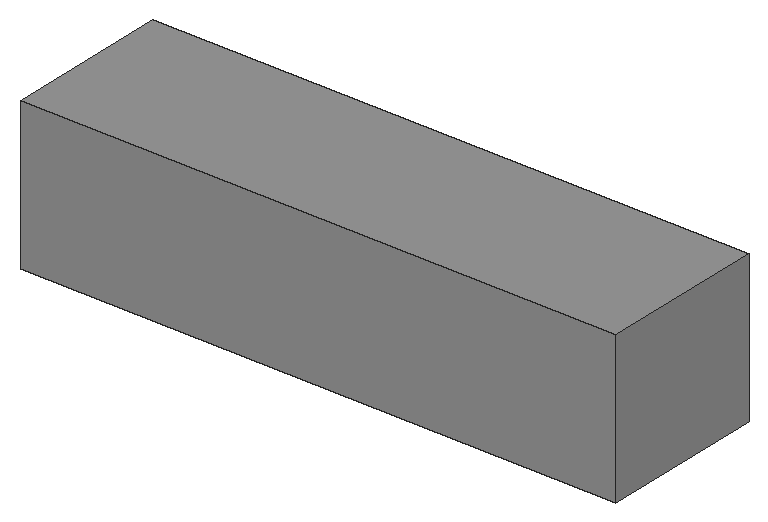
Revit family "Скамейка бетонная «Сколково» без спинки Арт 12134", category Антураж, Revit 2018
Family settings
  На основе рабочей плоскости = Нет
  Всегда вертикально = Да
  При загрузке вырезать с полостями = Нет
  Источник визуального образа = Геометрия семейства
  Общий = Нет
  Точка расчета площади = Нет
Parameters (values of type "Скамейка бетонная «Сколково» без спинки. Блок Бетон")
  Ширина = 500 mm  # constant formula
  Цвет основания = Бетон
  Цвет настила = Дерево
  Описание = if(Блок Бетон, "Скамейка бетонная «Сколково» без спинки. Блок Бетон", "Скамейка бетонная «Сколково» без спинки. Блок Бетон-дерево")  # "Скамейка бетонная «Сколково» без спинки. Блок Бетон"
  Материал изделия = if(Блок Бетон, "Бетон", "Бетон, дерево")  # "Бетон"
  Изображение типоразмера = Скамейка бетонная «Сколково» без спинки Арт 12134 Блок бетон.jpeg
  Изготовитель = "ООО «Хоббика»"  # constant formula
  Длина настила = 1838 mm  # constant formula
  Длина = 1800 mm  # constant formula
  Группа модели = "Скамейки"  # constant formula
  Высота ББ = if(Блок Бетон, 454 mm, 300 mm)  # 454 mm
  Высота = 454 mm  # constant formula
  Блок Бетон-дерево = not(Блок Бетон)  # no
  Блок Бетон = yes
  Артикул товара = "Арт. 12134"  # constant formula
  URL = "https://hobbyka.ru/product/skamya_betonnaya_skolkovo/"
Types (3, lengths in mm): name | Описание | Материал изделия | Изображение типоразмера | Высота ББ | Блок Бетон-дерево | Блок Бетон
  (no name) | "Скамейка бетонная «Сколково» без спинки. Блок Бетон" | "Бетон" | Скамейка бетонная «Сколково» без спинки Арт 12134 Блок бетон.jpeg | 454 | no | yes
  Скамейка бетонная «Сколково» без спинки. Блок Бетон | "Скамейка бетонная «Сколково» без спинки. Блок Бетон" | "Бетон" | Скамейка бетонная «Сколково» без спинки Арт 12134 Блок бетон.jpeg | 454 | no | yes
  Скамейка бетонная «Сколково» без спинки. Блок Бетон-дерево | "Скамейка бетонная «Сколково» без спинки. Блок Бетон-дерево" | "Бетон, дерево" | Скамейка бетонная «Сколково» без спинки Арт 12134 Блок бетон-дерево.jpeg | 300 | yes | no
Reference planes
  plane 1 "По центру (Вперед/Назад)": y = 0
  plane 2: z = 0
  plane 3 "По центру (Влево/Вправо)": x = 0
  plane 4: x = 1800
  plane 5: y = 500
  plane 6: x = 1819
  plane 7: x = -19
  plane 8: z = 454
Forms (mm)
  Extrusion 1, solid, material "Бетон" <- "Цвет основания"
    sketch origin (0, 0, 0) x (1, 0, 0) y (0, 1, 0)
      loop
        line (0, 500) -> (0, 0) -> (1800, 0) -> (1800, 500) -> (0, 500)
    from 0 to 454 <- "Высота ББ"
  Extrusion 2, solid, material "Дерево" <- "Цвет настила", visible <- "Блок Бетон-дерево"
    sketch origin (0, 0, 0) x (1, 0, 0) y (0, 0, 1)
      loop
        line (-19, 454) -> (-19, 300) -> (59, 300) -> (59, 454) -> (-19, 454)
    from 0 to -500
  Extrusion 3, solid, material "Дерево" <- "Цвет настила", visible <- "Блок Бетон-дерево"
    sketch origin (1760, 0, 0) x (1, 0, 0) y (0, 0, 1)
      loop
        line (-19, 454) -> (-19, 300) -> (59, 300) -> (59, 454) -> (-19, 454)
    from 0 to -500
  Extrusion 4, solid, material "Дерево" <- "Цвет настила", visible <- "Блок Бетон-дерево"
    sketch origin (88, 0, 0) x (1, 0, 0) y (0, 0, 1)
      loop
        line (-19, 454) -> (-19, 300) -> (59, 300) -> (59, 454) -> (-19, 454)
    from 0 to -500
  Extrusion 5, solid, material "Дерево" <- "Цвет настила", visible <- "Блок Бетон-дерево"
    sketch origin (176, 0, 0) x (1, 0, 0) y (0, 0, 1)
      loop
        line (-19, 454) -> (-19, 300) -> (59, 300) -> (59, 454) -> (-19, 454)
    from 0 to -500
  Extrusion 6, solid, material "Дерево" <- "Цвет настила", visible <- "Блок Бетон-дерево"
    sketch origin (264, 0, 0) x (1, 0, 0) y (0, 0, 1)
      loop
        line (-19, 454) -> (-19, 300) -> (59, 300) -> (59, 454) -> (-19, 454)
    from 0 to -500
  Extrusion 7, solid, material "Дерево" <- "Цвет настила", visible <- "Блок Бетон-дерево"
    sketch origin (352, 0, 0) x (1, 0, 0) y (0, 0, 1)
      loop
        line (-19, 454) -> (-19, 300) -> (59, 300) -> (59, 454) -> (-19, 454)
    from 0 to -500
  Extrusion 8, solid, material "Дерево" <- "Цвет настила", visible <- "Блок Бетон-дерево"
    sketch origin (440, 0, 0) x (1, 0, 0) y (0, 0, 1)
      loop
        line (-19, 454) -> (-19, 300) -> (59, 300) -> (59, 454) -> (-19, 454)
    from 0 to -500
  Extrusion 9, solid, material "Дерево" <- "Цвет настила", visible <- "Блок Бетон-дерево"
    sketch origin (528, 0, 0) x (1, 0, 0) y (0, 0, 1)
      loop
        line (-19, 454) -> (-19, 300) -> (59, 300) -> (59, 454) -> (-19, 454)
    from 0 to -500
  Extrusion 10, solid, material "Дерево" <- "Цвет настила", visible <- "Блок Бетон-дерево"
    sketch origin (616, 0, 0) x (1, 0, 0) y (0, 0, 1)
      loop
        line (-19, 454) -> (-19, 300) -> (59, 300) -> (59, 454) -> (-19, 454)
    from 0 to -500
  Extrusion 11, solid, material "Дерево" <- "Цвет настила", visible <- "Блок Бетон-дерево"
    sketch origin (704, 0, 0) x (1, 0, 0) y (0, 0, 1)
      loop
        line (-19, 454) -> (-19, 300) -> (59, 300) -> (59, 454) -> (-19, 454)
    from 0 to -500
  Extrusion 12, solid, material "Дерево" <- "Цвет настила", visible <- "Блок Бетон-дерево"
    sketch origin (792, 0, 0) x (1, 0, 0) y (0, 0, 1)
      loop
        line (-19, 454) -> (-19, 300) -> (59, 300) -> (59, 454) -> (-19, 454)
    from 0 to -500
  Extrusion 13, solid, material "Дерево" <- "Цвет настила", visible <- "Блок Бетон-дерево"
    sketch origin (880, 0, 0) x (1, 0, 0) y (0, 0, 1)
      loop
        line (-19, 454) -> (-19, 300) -> (59, 300) -> (59, 454) -> (-19, 454)
    from 0 to -500
  Extrusion 14, solid, material "Дерево" <- "Цвет настила", visible <- "Блок Бетон-дерево"
    sketch origin (968, 0, 0) x (1, 0, 0) y (0, 0, 1)
      loop
        line (-19, 454) -> (-19, 300) -> (59, 300) -> (59, 454) -> (-19, 454)
    from 0 to -500
  Extrusion 15, solid, material "Дерево" <- "Цвет настила", visible <- "Блок Бетон-дерево"
    sketch origin (1056, 0, 0) x (1, 0, 0) y (0, 0, 1)
      loop
        line (-19, 454) -> (-19, 300) -> (59, 300) -> (59, 454) -> (-19, 454)
    from 0 to -500
  Extrusion 16, solid, material "Дерево" <- "Цвет настила", visible <- "Блок Бетон-дерево"
    sketch origin (1144, 0, 0) x (1, 0, 0) y (0, 0, 1)
      loop
        line (-19, 454) -> (-19, 300) -> (59, 300) -> (59, 454) -> (-19, 454)
    from 0 to -500
  Extrusion 17, solid, material "Дерево" <- "Цвет настила", visible <- "Блок Бетон-дерево"
    sketch origin (1232, 0, 0) x (1, 0, 0) y (0, 0, 1)
      loop
        line (-19, 454) -> (-19, 300) -> (59, 300) -> (59, 454) -> (-19, 454)
    from 0 to -500
  Extrusion 18, solid, material "Дерево" <- "Цвет настила", visible <- "Блок Бетон-дерево"
    sketch origin (1320, 0, 0) x (1, 0, 0) y (0, 0, 1)
      loop
        line (-19, 454) -> (-19, 300) -> (59, 300) -> (59, 454) -> (-19, 454)
    from 0 to -500
  Extrusion 19, solid, material "Дерево" <- "Цвет настила", visible <- "Блок Бетон-дерево"
    sketch origin (1408, 0, 0) x (1, 0, 0) y (0, 0, 1)
      loop
        line (-19, 454) -> (-19, 300) -> (59, 300) -> (59, 454) -> (-19, 454)
    from 0 to -500
  Extrusion 20, solid, material "Дерево" <- "Цвет настила", visible <- "Блок Бетон-дерево"
    sketch origin (1496, 0, 0) x (1, 0, 0) y (0, 0, 1)
      loop
        line (-19, 454) -> (-19, 300) -> (59, 300) -> (59, 454) -> (-19, 454)
    from 0 to -500
  Extrusion 21, solid, material "Дерево" <- "Цвет настила", visible <- "Блок Бетон-дерево"
    sketch origin (1584, 0, 0) x (1, 0, 0) y (0, 0, 1)
      loop
        line (-19, 454) -> (-19, 300) -> (59, 300) -> (59, 454) -> (-19, 454)
    from 0 to -500
  Extrusion 22, solid, material "Дерево" <- "Цвет настила", visible <- "Блок Бетон-дерево"
    sketch origin (1672, 0, 0) x (1, 0, 0) y (0, 0, 1)
      loop
        line (-19, 454) -> (-19, 300) -> (59, 300) -> (59, 454) -> (-19, 454)
    from 0 to -500
Dimensions and locks
  "Ширина": plane 5 to plane 1 "По центру (Вперед/Назад)"
  "Длина": plane 3 "По центру (Влево/Вправо)" to plane 4
  "Длина настила": plane 7 to plane 6
  locked: plane 7 to plane 3 "По центру (Влево/Вправо)" at 19
  plane 4 to plane 6 = 19 mm
  "Высота": plane 8 to plane 2
  equal spacing: group 1, group 3, group 4, group 5, group 6, group 7, group 8, group 9, group 10, group 11, group 12, group 13, group 14, group 15, group 16, group 17, group 18, group 19, group 20, group 21, group 2  (x3)
  aligned and locked: level to plane 2
Automatic sketch dimensions
  plane 1 "По центру (Вперед/Назад)" to Extrusion 1 sketch curve = 0 mm
  Extrusion 1 sketch curve to plane 3 "По центру (Влево/Вправо)" = 0 mm
  Extrusion 1 sketch curve to plane 4 = 0 mm
  Extrusion 1 sketch curve to plane 5 = 0 mm
  Extrusion 2 sketch curve to Extrusion 2 sketch curve = 78 mm
  Extrusion 2 sketch curve to Extrusion 2 sketch curve = 154 mm
  Extrusion 3 sketch curve to Extrusion 3 sketch curve = 78 mm
  Extrusion 3 sketch curve to Extrusion 3 sketch curve = 154 mm
  Extrusion 4 sketch curve to Extrusion 4 sketch curve = 78 mm
  Extrusion 4 sketch curve to Extrusion 4 sketch curve = 154 mm
  Extrusion 5 sketch curve to Extrusion 5 sketch curve = 78 mm
  Extrusion 5 sketch curve to Extrusion 5 sketch curve = 154 mm
  Extrusion 6 sketch curve to Extrusion 6 sketch curve = 78 mm
  Extrusion 6 sketch curve to Extrusion 6 sketch curve = 154 mm
  Extrusion 7 sketch curve to Extrusion 7 sketch curve = 78 mm
  Extrusion 7 sketch curve to Extrusion 7 sketch curve = 154 mm
  Extrusion 8 sketch curve to Extrusion 8 sketch curve = 78 mm
  Extrusion 8 sketch curve to Extrusion 8 sketch curve = 154 mm
  Extrusion 9 sketch curve to Extrusion 9 sketch curve = 78 mm
  Extrusion 9 sketch curve to Extrusion 9 sketch curve = 154 mm
  Extrusion 10 sketch curve to Extrusion 10 sketch curve = 78 mm
  Extrusion 10 sketch curve to Extrusion 10 sketch curve = 154 mm
  Extrusion 11 sketch curve to Extrusion 11 sketch curve = 78 mm
  Extrusion 11 sketch curve to Extrusion 11 sketch curve = 154 mm
  Extrusion 12 sketch curve to Extrusion 12 sketch curve = 78 mm
  Extrusion 12 sketch curve to Extrusion 12 sketch curve = 154 mm
  Extrusion 13 sketch curve to Extrusion 13 sketch curve = 78 mm
  Extrusion 13 sketch curve to Extrusion 13 sketch curve = 154 mm
  Extrusion 14 sketch curve to Extrusion 14 sketch curve = 78 mm
  Extrusion 14 sketch curve to Extrusion 14 sketch curve = 154 mm
  Extrusion 15 sketch curve to Extrusion 15 sketch curve = 78 mm
  Extrusion 15 sketch curve to Extrusion 15 sketch curve = 154 mm
  Extrusion 16 sketch curve to Extrusion 16 sketch curve = 78 mm
  Extrusion 16 sketch curve to Extrusion 16 sketch curve = 154 mm
  Extrusion 17 sketch curve to Extrusion 17 sketch curve = 78 mm
  Extrusion 17 sketch curve to Extrusion 17 sketch curve = 154 mm
  Extrusion 18 sketch curve to Extrusion 18 sketch curve = 78 mm
  Extrusion 18 sketch curve to Extrusion 18 sketch curve = 154 mm
  Extrusion 19 sketch curve to Extrusion 19 sketch curve = 78 mm
  Extrusion 19 sketch curve to Extrusion 19 sketch curve = 154 mm
  Extrusion 20 sketch curve to Extrusion 20 sketch curve = 78 mm
  Extrusion 20 sketch curve to Extrusion 20 sketch curve = 154 mm
  Extrusion 21 sketch curve to Extrusion 21 sketch curve = 78 mm
  Extrusion 21 sketch curve to Extrusion 21 sketch curve = 154 mm
  Extrusion 22 sketch curve to Extrusion 22 sketch curve = 78 mm
  Extrusion 22 sketch curve to Extrusion 22 sketch curve = 154 mm
